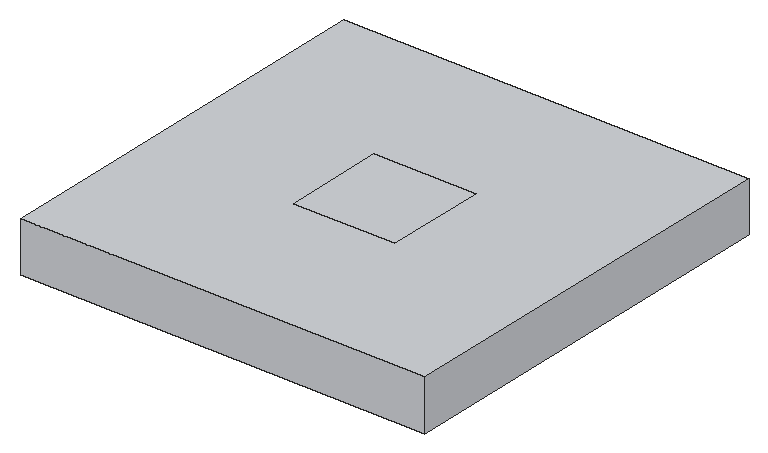
Revit family "32f1217c24a741eab662b520ee3b24fc", category Air Terminals, host Face, Revit 2021
Family settings
  Host = Face
  Round Connector Dimension = Use Diameter
  Part Type = Normal
  OmniClass Number = 23.75.70.21.27.11
  OmniClass Title = Diffusers, Registers, and Grilles
  Seek Item ID = Return Diffuser - Hosted-0000-USA-ENU
  Cut with Voids When Loaded = No
  Shared = No
  Room Calculation Point = No
Parameters (values of type "Workplane-based Return Diffuser")
  Width 1 = Diffuser Width * 0.65  # 1' - 3.6"
  Diffuser Width = 2' - 0"
  UpArrow [instance] = yes
  Pressure Drop [instance] = 0.0563 in-wg
  RightArrow [instance] = yes
  LeftArrow [instance] = yes
  Flow [instance] = 500 CFM
  Duct Height = Duct Width  # 12"
  DownArrow [instance] = yes
  Diffuser Height = Diffuser Width  # 2' - 0"
  Default Elevation = 4' - 0"
  Duct Width = 12"
  Assembly Code = ""
Reference planes (in)
  plane 1 "Center (Front/Back)": y = 0
  plane 2: z = 0
  plane 3 "Center (Left/Right)": x = 0
Forms (in)
  Extrusion 1, solid
    sketch origin (0, 0, 0) x (1, 0, 0) y (0, 1, 0)
      loop
        line (-48, 48) -> (-48, -48) -> (48, -48) -> (48, 48) -> (-48, 48)
    from 0 to -12
  Blend 2, solid
    base sketch origin (-2.13891, -0.43444, 0) x (1, 0, 0) y (0, 1, 0)
      loop
        line (-3.86109, 6.43444) -> (-3.86109, -5.56556) -> (8.13891, -5.56556) -> (8.13891, 6.43444) -> (-3.86109, 6.43444)
    top sketch origin (-2.13891, -0.43444, 0) x (1, 0, 0) y (0, 1, 0)
      loop
        line (-9.86109, 12.43444) -> (-9.86109, -11.56556) -> (14.13891, -11.56556) -> (14.13891, 12.43444) -> (-9.86109, 12.43444)
    from -4.00994 to 0
Lines and regions (in)
  symbolic lines
    curve 1: line (-12, 12, 0) -> (-12, -12, 0)
    curve 2: line (-12, -12, 0) -> (12, -12, 0)
    curve 3: line (12, -12, 0) -> (12, 12, 0)
    curve 4: line (12, 12, 0) -> (-12, 12, 0)
    curve 5: line (11.77834, -12, 0) -> (-12, 12, 0)
Dimensions and locks (in)
  equal spacing: Blend 2 sketch curve, plane 3 "Center (Left/Right)", Blend 2 sketch curve  (x2)
  "Diffuser Width": Blend 2 sketch curve to Blend 2 sketch curve
  equal spacing: Blend 2 sketch curve, plane 1 "Center (Front/Back)", Blend 2 sketch curve  (x2)
  "Diffuser Height": Blend 2 sketch curve to Blend 2 sketch curve
  "Duct Width": Blend 2 sketch curve to Blend 2 sketch curve
  "Duct Height": Blend 2 sketch curve to Blend 2 sketch curve
  "Width 1": nested 1 to plane 3 "Center (Left/Right)"
  "Width 1": plane 1 "Center (Front/Back)" to nested 2
  "Width 1": plane 3 "Center (Left/Right)" to nested 3
  "Width 1": plane 1 "Center (Front/Back)" to nested 4
  aligned and locked: plane 2 to Extrusion 1
  aligned and locked: level to Extrusion 1
  aligned and locked: level to Blend 2
  aligned and locked: Blend 2 to curve 4
  aligned and locked: curve 1 to Blend 2
  aligned and locked: Blend 2 to curve 3
  aligned and locked: curve 2 to Blend 2
  aligned and locked: plane 1 "Center (Front/Back)" to nested 1
  aligned and locked: plane 3 "Center (Left/Right)" to nested 4
  aligned and locked: nested 3 to plane 1 "Center (Front/Back)"
  aligned and locked: nested 2 to plane 3 "Center (Left/Right)"
Automatic sketch dimensions
  Extrusion 1 sketch curve to Extrusion 1 sketch curve = 8' - 0"  (x2)
  curve 5 to curve 2 = 0' - 0.22166"
Nested families (in)
  nested 1: "Duct Terminal Arrow" at (-15.6, 0, 0), visible <- "LeftArrow", type "Duct Terminal Arrow"
  nested 2: "Duct Terminal Arrow" at (0, 15.6, 0) x (0, -1, 0) z (0, 0, 1), visible <- "DownArrow", type "Duct Terminal Arrow"
  nested 3: "Duct Terminal Arrow" at (15.6, 0, 0) x (-1, 0, 0) z (0, 0, 1), visible <- "RightArrow", type "Duct Terminal Arrow"
  nested 4: "Duct Terminal Arrow" at (0, -15.6, 0) x (0, 1, 0) z (0, 0, 1), visible <- "UpArrow", type "Duct Terminal Arrow"
Connectors (in)
  hvac at (0, 0, -4.00994), driven by "Duct Width", driven by "Duct Width", driven by "Flow", driven by "Pressure Drop"
    settings: on Blend 2, index 0, duct flow 500 CFM, flow factor 0, pres drop 0.0563 in-wg, loss coef 0, conn angle 0.00°, conn width 12", conn height 12", conn diameter 24", duct sys type 2, conn prof type 1, flow config 1, flow direction 2, loss method 4, conn ref index -1, conn util no, is conn primary yes, conn desc ""
Definition of nested family "Duct Terminal Arrow"
  Parameters
    Width = (Length / 2) / cos(15.00°)  # 1.03528"
    Length = 2"
  Reference planes (in)
    plane 1 "Center (Front/Back)": y = 0
    plane 2: z = 0
    plane 3 "Center (Left/Right)": x = 0
  Lines and regions (in)
    Filled region 1, type "Concrete Block", in view "Ref. Level"
      outline origin (-2, 0, 0) x (1, 0, 0) y (0, 1, 0)
        loop
          line (1, 0.26795) -> (1, -0.26795) -> (2, 0) -> (1, 0.26795)
    detail lines, in view "Ref. Level"
      curve 1: line (-2, 0, 0) -> (0, 0, 0)
      curve 2: line (0, 0, 0) -> (-1, 0.26795, 0)
      curve 3: line (0, 0, 0) -> (-1, -0.26795, 0)
      curve 4: line (-1, 0.26795, 0) -> (-1, -0.26795, 0)
  Dimensions and locks (in)
    "Length": curve 1 to curve 1
    "Width": curve 2 to curve 2
    "Width": curve 3 to curve 3
    locked: curve 2 to curve 1 (angle 15.00°)
    locked: curve 1 to curve 3 (angle 15.00°)
    aligned and locked: plane 1 "Center (Front/Back)" to curve 1
    aligned and locked: Filled region 1 sketch curve to curve 4
    aligned and locked: Filled region 1 sketch curve to curve 2
    aligned and locked: Filled region 1 sketch curve to curve 3
    aligned and locked: plane 3 "Center (Left/Right)" to curve 1
